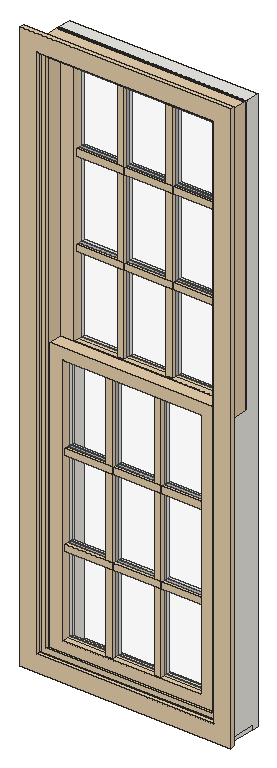
Revit family "Window-Double_Hung-Andersen-400_Series-Tilt_Wash", category Windows, host Wall, Revit 2019 (continued)
Types in the file's own list only (99): name | LWide | . . Lights Wide | . . Top Sash Lights High | . . Bottom Sash Lights High | VGB DLO | V Bars | TS V DLO | TS V Bar Length | TS SH DLO | TS S V | TS S H | TS M V | TS M H | TS HGB DLO | Rough Width | Rough Height | Masonry Width | Masonry Height | Height | H DLO | Designation | Default Sill Height | Width | Check Rail Location | BS V DLO | BS SH DLO | BS S V | BS S H | BS M V | BS M H | BS HGB DLO
  29-5/8" x 52-7/8" | 3 | 3 | 2 | 2 | 0' - 7 3/32" | 2 | 1' - 10 5/16" | 1' - 10 5/16" | 1' - 1 13/32" | No | Yes | Yes | No | 0' - 4" | 2' - 6 1/8" | 4' - 5 3/8" | 2' - 6 1/8" | 4' - 5 3/8" | 4' - 4 7/8" | 1' - 11" | "TW2442" | 2' - 5 1/8" | 2' - 5 5/8" | 1' - 10 5/16" | 1' - 10 5/16" | 1' - 3 21/32" | No | Yes | Yes | No | 0' - 4"
  29-5/8" x 56-7/8" | 3 | 3 | 2 | 2 | 0' - 7 3/32" | 2 | 2' - 0 5/16" | 2' - 0 5/16" | 1' - 2 13/32" | No | Yes | Yes | No | 0' - 4" | 2' - 6 1/8" | 4' - 9 3/8" | 2' - 6 1/8" | 4' - 9 3/8" | 4' - 8 7/8" | 1' - 11" | "TW2446" | 2' - 1 1/8" | 2' - 5 5/8" | 2' - 0 5/16" | 2' - 0 5/16" | 1' - 4 21/32" | No | Yes | Yes | No | 0' - 4"
  29-5/8" x 60-7/8" | 3 | 3 | 2 | 2 | 0' - 7 3/32" | 2 | 2' - 2 5/16" | 2' - 2 5/16" | 1' - 3 13/32" | No | Yes | Yes | No | 0' - 4" | 2' - 6 1/8" | 5' - 1 3/8" | 2' - 6 1/8" | 5' - 1 3/8" | 5' - 0 7/8" | 1' - 11" | "TW24410" | 1' - 9 1/8" | 2' - 5 5/8" | 2' - 2 5/16" | 2' - 2 5/16" | 1' - 5 21/32" | No | Yes | Yes | No | 0' - 4"
  29-5/8" x 64-7/8" | 3 | 3 | 2 | 2 | 0' - 7 3/32" | 2 | 2' - 4 5/16" | 2' - 4 5/16" | 1' - 4 13/32" | No | Yes | Yes | No | 0' - 4" | 2' - 6 1/8" | 5' - 5 3/8" | 2' - 6 1/8" | 5' - 5 3/8" | 5' - 4 7/8" | 1' - 11" | "TW2452" | 1' - 5 1/8" | 2' - 5 5/8" | 2' - 4 5/16" | 2' - 4 5/16" | 1' - 6 21/32" | No | Yes | Yes | No | 0' - 4"
  29-5/8" x 68-7/8" | 3 | 3 | 3 | 3 | 0' - 7 3/32" | 2 | 2' - 6 5/16" | 2' - 6 5/16" | 1' - 5 13/32" | No | No | Yes | Yes | 0' - 9 17/32" | 2' - 6 1/8" | 5' - 9 3/8" | 2' - 6 1/8" | 5' - 9 3/8" | 5' - 8 7/8" | 1' - 11" | "TW2456" | 1' - 1 1/8" | 2' - 5 5/8" | 2' - 6 5/16" | 2' - 6 5/16" | 1' - 7 21/32" | No | No | Yes | Yes | 0' - 9 17/32"
  29-5/8" x 72-7/8" | 3 | 3 | 3 | 3 | 0' - 7 3/32" | 2 | 2' - 8 5/16" | 2' - 8 5/16" | 1' - 6 13/32" | No | No | Yes | Yes | 0' - 10 3/16" | 2' - 6 1/8" | 6' - 1 3/8" | 2' - 6 1/8" | 6' - 1 3/8" | 6' - 0 7/8" | 1' - 11" | "TW24510" | 0' - 9 1/8" | 2' - 5 5/8" | 2' - 8 5/16" | 2' - 8 5/16" | 1' - 8 21/32" | No | No | Yes | Yes | 0' - 10 3/16"
  29-5/8" x 88-7/8" | 3 | 3 | 3 | 3 | 0' - 7 3/32" | 2 | 3' - 4 5/16" | 4' - 5 3/4" | 1' - 10 13/32" | No | No | Yes | Yes | 1' - 5 11/32" | 2' - 6 1/8" | 7' - 5 3/8" | 2' - 6 1/8" | 7' - 5 3/8" | 7' - 4 7/8" | 1' - 11" | "TW2472" | -0' - 6 7/8" | 2' - 5 5/8" | 3' - 4 5/16" | 3' - 4 5/16" | 2' - 0 21/32" | No | No | Yes | Yes | 1' - 0 27/32"
  31-5/8" x 36-7/8" | 3 | 3 | 2 | 2 | 0' - 7 3/4" | 2 | 1' - 2 5/16" | 1' - 2 5/16" | 0' - 9 13/32" | No | Yes | Yes | No | 0' - 4" | 2' - 8 1/8" | 3' - 1 3/8" | 2' - 8 1/8" | 3' - 1 3/8" | 3' - 0 7/8" | 2' - 1" | "TW26210" | 3' - 9 1/8" | 2' - 7 5/8" | 1' - 2 5/16" | 1' - 2 5/16" | 0' - 11 21/32" | No | Yes | Yes | No | 0' - 4"
  31-5/8" x 40-7/8" | 3 | 3 | 2 | 2 | 0' - 7 3/4" | 2 | 1' - 4 5/16" | 1' - 4 5/16" | 0' - 10 13/32" | No | Yes | Yes | No | 0' - 4" | 2' - 8 1/8" | 3' - 5 3/8" | 2' - 8 1/8" | 3' - 5 3/8" | 3' - 4 7/8" | 2' - 1" | "TW2632" | 3' - 5 1/8" | 2' - 7 5/8" | 1' - 4 5/16" | 1' - 4 5/16" | 1' - 0 21/32" | No | Yes | Yes | No | 0' - 4"
  31-5/8" x 44-7/8" | 3 | 3 | 2 | 2 | 0' - 7 3/4" | 2 | 1' - 6 5/16" | 1' - 6 5/16" | 0' - 11 13/32" | No | Yes | Yes | No | 0' - 4" | 2' - 8 1/8" | 3' - 9 3/8" | 2' - 8 1/8" | 3' - 9 3/8" | 3' - 8 7/8" | 2' - 1" | "TW2636" | 3' - 1 1/8" | 2' - 7 5/8" | 1' - 6 5/16" | 1' - 6 5/16" | 1' - 1 21/32" | No | Yes | Yes | No | 0' - 4"
  31-5/8" x 48-7/8" | 3 | 3 | 2 | 2 | 0' - 7 3/4" | 2 | 1' - 8 5/16" | 1' - 8 5/16" | 1' - 0 13/32" | No | Yes | Yes | No | 0' - 4" | 2' - 8 1/8" | 4' - 1 3/8" | 2' - 8 1/8" | 4' - 1 3/8" | 4' - 0 7/8" | 2' - 1" | "TW26310" | 2' - 9 1/8" | 2' - 7 5/8" | 1' - 8 5/16" | 1' - 8 5/16" | 1' - 2 21/32" | No | Yes | Yes | No | 0' - 4"
  31-5/8" x 52-7/8" | 3 | 3 | 2 | 2 | 0' - 7 3/4" | 2 | 1' - 10 5/16" | 1' - 10 5/16" | 1' - 1 13/32" | No | Yes | Yes | No | 0' - 4" | 2' - 8 1/8" | 4' - 5 3/8" | 2' - 8 1/8" | 4' - 5 3/8" | 4' - 4 7/8" | 2' - 1" | "TW2642" | 2' - 5 1/8" | 2' - 7 5/8" | 1' - 10 5/16" | 1' - 10 5/16" | 1' - 3 21/32" | No | Yes | Yes | No | 0' - 4"
  31-5/8" x 56-7/8" | 3 | 3 | 2 | 2 | 0' - 7 3/4" | 2 | 2' - 0 5/16" | 2' - 0 5/16" | 1' - 2 13/32" | No | Yes | Yes | No | 0' - 4" | 2' - 8 1/8" | 4' - 9 3/8" | 2' - 8 1/8" | 4' - 9 3/8" | 4' - 8 7/8" | 2' - 1" | "TW2646" | 2' - 1 1/8" | 2' - 7 5/8" | 2' - 0 5/16" | 2' - 0 5/16" | 1' - 4 21/32" | No | Yes | Yes | No | 0' - 4"
  31-5/8" x 60-7/8" | 3 | 3 | 2 | 2 | 0' - 7 3/4" | 2 | 2' - 2 5/16" | 2' - 2 5/16" | 1' - 3 13/32" | No | Yes | Yes | No | 0' - 4" | 2' - 8 1/8" | 5' - 1 3/8" | 2' - 8 1/8" | 5' - 1 3/8" | 5' - 0 7/8" | 2' - 1" | "TW26410" | 1' - 9 1/8" | 2' - 7 5/8" | 2' - 2 5/16" | 2' - 2 5/16" | 1' - 5 21/32" | No | Yes | Yes | No | 0' - 4"
  31-5/8" x 64-7/8" | 3 | 3 | 2 | 2 | 0' - 7 3/4" | 2 | 2' - 4 5/16" | 2' - 4 5/16" | 1' - 4 13/32" | No | Yes | Yes | No | 0' - 4" | 2' - 8 1/8" | 5' - 5 3/8" | 2' - 8 1/8" | 5' - 5 3/8" | 5' - 4 7/8" | 2' - 1" | "TW2652" | 1' - 5 1/8" | 2' - 7 5/8" | 2' - 4 5/16" | 2' - 4 5/16" | 1' - 6 21/32" | No | Yes | Yes | No | 0' - 4"
  31-5/8" x 68-7/8" | 3 | 3 | 3 | 3 | 0' - 7 3/4" | 2 | 2' - 6 5/16" | 2' - 6 5/16" | 1' - 5 13/32" | No | No | Yes | Yes | 0' - 9 17/32" | 2' - 8 1/8" | 5' - 9 3/8" | 2' - 8 1/8" | 5' - 9 3/8" | 5' - 8 7/8" | 2' - 1" | "TW2656" | 1' - 1 1/8" | 2' - 7 5/8" | 2' - 6 5/16" | 2' - 6 5/16" | 1' - 7 21/32" | No | No | Yes | Yes | 0' - 9 17/32"
  31-5/8" x 72-7/8" | 3 | 3 | 3 | 3 | 0' - 7 3/4" | 2 | 2' - 8 5/16" | 2' - 8 5/16" | 1' - 6 13/32" | No | No | Yes | Yes | 0' - 10 3/16" | 2' - 8 1/8" | 6' - 1 3/8" | 2' - 8 1/8" | 6' - 1 3/8" | 6' - 0 7/8" | 2' - 1" | "TW26510" | 0' - 9 1/8" | 2' - 7 5/8" | 2' - 8 5/16" | 2' - 8 5/16" | 1' - 8 21/32" | No | No | Yes | Yes | 0' - 10 3/16"
  31-5/8" x 88-7/8" | 3 | 3 | 3 | 3 | 0' - 7 3/4" | 2 | 3' - 4 5/16" | 4' - 5 3/4" | 1' - 10 13/32" | No | No | Yes | Yes | 1' - 5 11/32" | 2' - 8 1/8" | 7' - 5 3/8" | 2' - 8 1/8" | 7' - 5 3/8" | 7' - 4 7/8" | 2' - 1" | "TW2672" | -0' - 6 7/8" | 2' - 7 5/8" | 3' - 4 5/16" | 3' - 4 5/16" | 2' - 0 21/32" | No | No | Yes | Yes | 1' - 0 27/32"
  33-5/8" x 36-7/8" | 3 | 3 | 2 | 2 | 0' - 8 13/32" | 2 | 1' - 2 5/16" | 1' - 2 5/16" | 0' - 9 13/32" | No | Yes | Yes | No | 0' - 4" | 2' - 10 1/8" | 3' - 1 3/8" | 2' - 10 1/8" | 3' - 1 3/8" | 3' - 0 7/8" | 2' - 3" | "TW28210" | 3' - 9 1/8" | 2' - 9 5/8" | 1' - 2 5/16" | 1' - 2 5/16" | 0' - 11 21/32" | No | Yes | Yes | No | 0' - 4"
  33-5/8" x 40-7/8" | 3 | 3 | 2 | 2 | 0' - 8 13/32" | 2 | 1' - 4 5/16" | 1' - 4 5/16" | 0' - 10 13/32" | No | Yes | Yes | No | 0' - 4" | 2' - 10 1/8" | 3' - 5 3/8" | 2' - 10 1/8" | 3' - 5 3/8" | 3' - 4 7/8" | 2' - 3" | "TW2832" | 3' - 5 1/8" | 2' - 9 5/8" | 1' - 4 5/16" | 1' - 4 5/16" | 1' - 0 21/32" | No | Yes | Yes | No | 0' - 4"
  33-5/8" x 44-7/8" | 3 | 3 | 2 | 2 | 0' - 8 13/32" | 2 | 1' - 6 5/16" | 1' - 6 5/16" | 0' - 11 13/32" | No | Yes | Yes | No | 0' - 4" | 2' - 10 1/8" | 3' - 9 3/8" | 2' - 10 1/8" | 3' - 9 3/8" | 3' - 8 7/8" | 2' - 3" | "TW2836" | 3' - 1 1/8" | 2' - 9 5/8" | 1' - 6 5/16" | 1' - 6 5/16" | 1' - 1 21/32" | No | Yes | Yes | No | 0' - 4"
  33-5/8" x 48-7/8" | 3 | 3 | 2 | 2 | 0' - 8 13/32" | 2 | 1' - 8 5/16" | 1' - 8 5/16" | 1' - 0 13/32" | No | Yes | Yes | No | 0' - 4" | 2' - 10 1/8" | 4' - 1 3/8" | 2' - 10 1/8" | 4' - 1 3/8" | 4' - 0 7/8" | 2' - 3" | "TW28310" | 2' - 9 1/8" | 2' - 9 5/8" | 1' - 8 5/16" | 1' - 8 5/16" | 1' - 2 21/32" | No | Yes | Yes | No | 0' - 4"
  33-5/8" x 52-7/8" | 3 | 3 | 2 | 2 | 0' - 8 13/32" | 2 | 1' - 10 5/16" | 1' - 10 5/16" | 1' - 1 13/32" | No | Yes | Yes | No | 0' - 4" | 2' - 10 1/8" | 4' - 5 3/8" | 2' - 10 1/8" | 4' - 5 3/8" | 4' - 4 7/8" | 2' - 3" | "TW2842" | 2' - 5 1/8" | 2' - 9 5/8" | 1' - 10 5/16" | 1' - 10 5/16" | 1' - 3 21/32" | No | Yes | Yes | No | 0' - 4"
  33-5/8" x 56-7/8" | 3 | 3 | 2 | 2 | 0' - 8 13/32" | 2 | 2' - 0 5/16" | 2' - 0 5/16" | 1' - 2 13/32" | No | Yes | Yes | No | 0' - 4" | 2' - 10 1/8" | 4' - 9 3/8" | 2' - 10 1/8" | 4' - 9 3/8" | 4' - 8 7/8" | 2' - 3" | "TW2846" | 2' - 1 1/8" | 2' - 9 5/8" | 2' - 0 5/16" | 2' - 0 5/16" | 1' - 4 21/32" | No | Yes | Yes | No | 0' - 4"
  33-5/8" x 60-7/8" | 3 | 3 | 2 | 2 | 0' - 8 13/32" | 2 | 2' - 2 5/16" | 2' - 2 5/16" | 1' - 3 13/32" | No | Yes | Yes | No | 0' - 4" | 2' - 10 1/8" | 5' - 1 3/8" | 2' - 10 1/8" | 5' - 1 3/8" | 5' - 0 7/8" | 2' - 3" | "TW28410" | 1' - 9 1/8" | 2' - 9 5/8" | 2' - 2 5/16" | 2' - 2 5/16" | 1' - 5 21/32" | No | Yes | Yes | No | 0' - 4"
  33-5/8" x 64-7/8" | 3 | 3 | 2 | 2 | 0' - 8 13/32" | 2 | 2' - 4 5/16" | 2' - 4 5/16" | 1' - 4 13/32" | No | Yes | Yes | No | 0' - 4" | 2' - 10 1/8" | 5' - 5 3/8" | 2' - 10 1/8" | 5' - 5 3/8" | 5' - 4 7/8" | 2' - 3" | "TW2852" | 1' - 5 1/8" | 2' - 9 5/8" | 2' - 4 5/16" | 2' - 4 5/16" | 1' - 6 21/32" | No | Yes | Yes | No | 0' - 4"
  33-5/8" x 68-7/8" | 3 | 3 | 3 | 3 | 0' - 8 13/32" | 2 | 2' - 6 5/16" | 2' - 6 5/16" | 1' - 5 13/32" | No | No | Yes | Yes | 0' - 9 17/32" | 2' - 10 1/8" | 5' - 9 3/8" | 2' - 10 1/8" | 5' - 9 3/8" | 5' - 8 7/8" | 2' - 3" | "TW2856" | 1' - 1 1/8" | 2' - 9 5/8" | 2' - 6 5/16" | 2' - 6 5/16" | 1' - 7 21/32" | No | No | Yes | Yes | 0' - 9 17/32"
  33-5/8" x 72-7/8" | 3 | 3 | 3 | 3 | 0' - 8 13/32" | 2 | 2' - 8 5/16" | 2' - 8 5/16" | 1' - 6 13/32" | No | No | Yes | Yes | 0' - 10 3/16" | 2' - 10 1/8" | 6' - 1 3/8" | 2' - 10 1/8" | 6' - 1 3/8" | 6' - 0 7/8" | 2' - 3" | "TW28510" | 0' - 9 1/8" | 2' - 9 5/8" | 2' - 8 5/16" | 2' - 8 5/16" | 1' - 8 21/32" | No | No | Yes | Yes | 0' - 10 3/16"
  33-5/8" x 88-7/8" | 3 | 3 | 3 | 3 | 0' - 8 13/32" | 2 | 3' - 4 5/16" | 4' - 5 3/4" | 1' - 10 13/32" | No | No | Yes | Yes | 1' - 5 11/32" | 2' - 10 1/8" | 7' - 5 3/8" | 2' - 10 1/8" | 7' - 5 3/8" | 7' - 4 7/8" | 2' - 3" | "TW2872" | -0' - 6 7/8" | 2' - 9 5/8" | 3' - 4 5/16" | 3' - 4 5/16" | 2' - 0 21/32" | No | No | Yes | Yes | 1' - 0 27/32"
  35-5/8" x 36-7/8" | 3 | 3 | 2 | 2 | 0' - 9 3/32" | 2 | 1' - 2 5/16" | 1' - 2 5/16" | 0' - 9 13/32" | No | Yes | Yes | No | 0' - 4" | 3' - 0 1/8" | 3' - 1 3/8" | 3' - 0 1/8" | 3' - 1 3/8" | 3' - 0 7/8" | 2' - 5" | "TW210210" | 3' - 9 1/8" | 2' - 11 5/8" | 1' - 2 5/16" | 1' - 2 5/16" | 0' - 11 21/32" | No | Yes | Yes | No | 0' - 4"
  35-5/8" x 40-7/8" | 3 | 3 | 2 | 2 | 0' - 9 3/32" | 2 | 1' - 4 5/16" | 1' - 4 5/16" | 0' - 10 13/32" | No | Yes | Yes | No | 0' - 4" | 3' - 0 1/8" | 3' - 5 3/8" | 3' - 0 1/8" | 3' - 5 3/8" | 3' - 4 7/8" | 2' - 5" | "TW21032" | 3' - 5 1/8" | 2' - 11 5/8" | 1' - 4 5/16" | 1' - 4 5/16" | 1' - 0 21/32" | No | Yes | Yes | No | 0' - 4"
  35-5/8" x 44-7/8" | 3 | 3 | 2 | 2 | 0' - 9 3/32" | 2 | 1' - 6 5/16" | 1' - 6 5/16" | 0' - 11 13/32" | No | Yes | Yes | No | 0' - 4" | 3' - 0 1/8" | 3' - 9 3/8" | 3' - 0 1/8" | 3' - 9 3/8" | 3' - 8 7/8" | 2' - 5" | "TW21036" | 3' - 1 1/8" | 2' - 11 5/8" | 1' - 6 5/16" | 1' - 6 5/16" | 1' - 1 21/32" | No | Yes | Yes | No | 0' - 4"
  35-5/8" x 48-7/8" | 3 | 3 | 2 | 2 | 0' - 9 3/32" | 2 | 1' - 8 5/16" | 1' - 8 5/16" | 1' - 0 13/32" | No | Yes | Yes | No | 0' - 4" | 3' - 0 1/8" | 4' - 1 3/8" | 3' - 0 1/8" | 4' - 1 3/8" | 4' - 0 7/8" | 2' - 5" | "TW210310" | 2' - 9 1/8" | 2' - 11 5/8" | 1' - 8 5/16" | 1' - 8 5/16" | 1' - 2 21/32" | No | Yes | Yes | No | 0' - 4"
  35-5/8" x 52-7/8" | 3 | 3 | 2 | 2 | 0' - 9 3/32" | 2 | 1' - 10 5/16" | 1' - 10 5/16" | 1' - 1 13/32" | No | Yes | Yes | No | 0' - 4" | 3' - 0 1/8" | 4' - 5 3/8" | 3' - 0 1/8" | 4' - 5 3/8" | 4' - 4 7/8" | 2' - 5" | "TW21042" | 2' - 5 1/8" | 2' - 11 5/8" | 1' - 10 5/16" | 1' - 10 5/16" | 1' - 3 21/32" | No | Yes | Yes | No | 0' - 4"
  35-5/8" x 56-7/8" | 3 | 3 | 2 | 2 | 0' - 9 3/32" | 2 | 2' - 0 5/16" | 2' - 0 5/16" | 1' - 2 13/32" | No | Yes | Yes | No | 0' - 4" | 3' - 0 1/8" | 4' - 9 3/8" | 3' - 0 1/8" | 4' - 9 3/8" | 4' - 8 7/8" | 2' - 5" | "TW21046" | 2' - 1 1/8" | 2' - 11 5/8" | 2' - 0 5/16" | 2' - 0 5/16" | 1' - 4 21/32" | No | Yes | Yes | No | 0' - 4"
  35-5/8" x 60-7/8" | 3 | 3 | 2 | 2 | 0' - 9 3/32" | 2 | 2' - 2 5/16" | 2' - 2 5/16" | 1' - 3 13/32" | No | Yes | Yes | No | 0' - 4" | 3' - 0 1/8" | 5' - 1 3/8" | 3' - 0 1/8" | 5' - 1 3/8" | 5' - 0 7/8" | 2' - 5" | "TW210410" | 1' - 9 1/8" | 2' - 11 5/8" | 2' - 2 5/16" | 2' - 2 5/16" | 1' - 5 21/32" | No | Yes | Yes | No | 0' - 4"
  35-5/8" x 64-7/8" | 3 | 3 | 2 | 2 | 0' - 9 3/32" | 2 | 2' - 4 5/16" | 2' - 4 5/16" | 1' - 4 13/32" | No | Yes | Yes | No | 0' - 4" | 3' - 0 1/8" | 5' - 5 3/8" | 3' - 0 1/8" | 5' - 5 3/8" | 5' - 4 7/8" | 2' - 5" | "TW21052" | 1' - 5 1/8" | 2' - 11 5/8" | 2' - 4 5/16" | 2' - 4 5/16" | 1' - 6 21/32" | No | Yes | Yes | No | 0' - 4"
  35-5/8" x 68-7/8" | 3 | 3 | 3 | 3 | 0' - 9 3/32" | 2 | 2' - 6 5/16" | 2' - 6 5/16" | 1' - 5 13/32" | No | No | Yes | Yes | 0' - 9 17/32" | 3' - 0 1/8" | 5' - 9 3/8" | 3' - 0 1/8" | 5' - 9 3/8" | 5' - 8 7/8" | 2' - 5" | "TW21056" | 1' - 1 1/8" | 2' - 11 5/8" | 2' - 6 5/16" | 2' - 6 5/16" | 1' - 7 21/32" | No | No | Yes | Yes | 0' - 9 17/32"
  35-5/8" x 72-7/8" | 3 | 3 | 3 | 3 | 0' - 9 3/32" | 2 | 2' - 8 5/16" | 2' - 8 5/16" | 1' - 6 13/32" | No | No | Yes | Yes | 0' - 10 3/16" | 3' - 0 1/8" | 6' - 1 3/8" | 3' - 0 1/8" | 6' - 1 3/8" | 6' - 0 7/8" | 2' - 5" | "TW210510" | 0' - 9 1/8" | 2' - 11 5/8" | 2' - 8 5/16" | 2' - 8 5/16" | 1' - 8 21/32" | No | No | Yes | Yes | 0' - 10 3/16"
  35-5/8" x 88-7/8" | 3 | 3 | 3 | 3 | 0' - 9 3/32" | 2 | 3' - 4 5/16" | 4' - 5 3/4" | 1' - 10 13/32" | No | No | Yes | Yes | 1' - 5 11/32" | 3' - 0 1/8" | 7' - 5 3/8" | 3' - 0 1/8" | 7' - 5 3/8" | 7' - 4 7/8" | 2' - 5" | "TW21072" | -0' - 6 7/8" | 2' - 11 5/8" | 3' - 4 5/16" | 3' - 4 5/16" | 2' - 0 21/32" | No | No | Yes | Yes | 1' - 0 27/32"
  37-5/8" x 36-7/8" | 4 | 4 | 2 | 2 | 0' - 7 3/32" | 3 | 1' - 2 5/16" | 1' - 2 5/16" | 0' - 9 13/32" | No | Yes | Yes | No | 0' - 4" | 3' - 2 1/8" | 3' - 1 3/8" | 3' - 2 1/8" | 3' - 1 3/8" | 3' - 0 7/8" | 2' - 7" | "TW30210" | 3' - 9 1/8" | 3' - 1 5/8" | 1' - 2 5/16" | 1' - 2 5/16" | 0' - 11 21/32" | No | Yes | Yes | No | 0' - 4"
  37-5/8" x 40-7/8" | 4 | 4 | 2 | 2 | 0' - 7 3/32" | 3 | 1' - 4 5/16" | 1' - 4 5/16" | 0' - 10 13/32" | No | Yes | Yes | No | 0' - 4" | 3' - 2 1/8" | 3' - 5 3/8" | 3' - 2 1/8" | 3' - 5 3/8" | 3' - 4 7/8" | 2' - 7" | "TW3032" | 3' - 5 1/8" | 3' - 1 5/8" | 1' - 4 5/16" | 1' - 4 5/16" | 1' - 0 21/32" | No | Yes | Yes | No | 0' - 4"
  37-5/8" x 44-7/8" | 4 | 4 | 2 | 2 | 0' - 7 3/32" | 3 | 1' - 6 5/16" | 1' - 6 5/16" | 0' - 11 13/32" | No | Yes | Yes | No | 0' - 4" | 3' - 2 1/8" | 3' - 9 3/8" | 3' - 2 1/8" | 3' - 9 3/8" | 3' - 8 7/8" | 2' - 7" | "TW3036" | 3' - 1 1/8" | 3' - 1 5/8" | 1' - 6 5/16" | 1' - 6 5/16" | 1' - 1 21/32" | No | Yes | Yes | No | 0' - 4"
  37-5/8" x 48-7/8" | 4 | 4 | 2 | 2 | 0' - 7 3/32" | 3 | 1' - 8 5/16" | 1' - 8 5/16" | 1' - 0 13/32" | No | Yes | Yes | No | 0' - 4" | 3' - 2 1/8" | 4' - 1 3/8" | 3' - 2 1/8" | 4' - 1 3/8" | 4' - 0 7/8" | 2' - 7" | "TW30310" | 2' - 9 1/8" | 3' - 1 5/8" | 1' - 8 5/16" | 1' - 8 5/16" | 1' - 2 21/32" | No | Yes | Yes | No | 0' - 4"
  37-5/8" x 52-7/8" | 4 | 4 | 2 | 2 | 0' - 7 3/32" | 3 | 1' - 10 5/16" | 1' - 10 5/16" | 1' - 1 13/32" | No | Yes | Yes | No | 0' - 4" | 3' - 2 1/8" | 4' - 5 3/8" | 3' - 2 1/8" | 4' - 5 3/8" | 4' - 4 7/8" | 2' - 7" | "TW3042" | 2' - 5 1/8" | 3' - 1 5/8" | 1' - 10 5/16" | 1' - 10 5/16" | 1' - 3 21/32" | No | Yes | Yes | No | 0' - 4"
  37-5/8" x 56-7/8" | 4 | 4 | 2 | 2 | 0' - 7 3/32" | 3 | 2' - 0 5/16" | 2' - 0 5/16" | 1' - 2 13/32" | No | Yes | Yes | No | 0' - 4" | 3' - 2 1/8" | 4' - 9 3/8" | 3' - 2 1/8" | 4' - 9 3/8" | 4' - 8 7/8" | 2' - 7" | "TW3046" | 2' - 1 1/8" | 3' - 1 5/8" | 2' - 0 5/16" | 2' - 0 5/16" | 1' - 4 21/32" | No | Yes | Yes | No | 0' - 4"
  37-5/8" x 60-7/8" | 4 | 4 | 2 | 2 | 0' - 7 3/32" | 3 | 2' - 2 5/16" | 2' - 2 5/16" | 1' - 3 13/32" | No | Yes | Yes | No | 0' - 4" | 3' - 2 1/8" | 5' - 1 3/8" | 3' - 2 1/8" | 5' - 1 3/8" | 5' - 0 7/8" | 2' - 7" | "TW30410" | 1' - 9 1/8" | 3' - 1 5/8" | 2' - 2 5/16" | 2' - 2 5/16" | 1' - 5 21/32" | No | Yes | Yes | No | 0' - 4"
  37-5/8" x 64-7/8" | 4 | 4 | 2 | 2 | 0' - 7 3/32" | 3 | 2' - 4 5/16" | 2' - 4 5/16" | 1' - 4 13/32" | No | Yes | Yes | No | 0' - 4" | 3' - 2 1/8" | 5' - 5 3/8" | 3' - 2 1/8" | 5' - 5 3/8" | 5' - 4 7/8" | 2' - 7" | "TW3052" | 1' - 5 1/8" | 3' - 1 5/8" | 2' - 4 5/16" | 2' - 4 5/16" | 1' - 6 21/32" | No | Yes | Yes | No | 0' - 4"
  37-5/8" x 68-7/8" | 4 | 4 | 3 | 3 | 0' - 7 3/32" | 3 | 2' - 6 5/16" | 2' - 6 5/16" | 1' - 5 13/32" | No | No | Yes | Yes | 0' - 9 17/32" | 3' - 2 1/8" | 5' - 9 3/8" | 3' - 2 1/8" | 5' - 9 3/8" | 5' - 8 7/8" | 2' - 7" | "TW3056" | 1' - 1 1/8" | 3' - 1 5/8" | 2' - 6 5/16" | 2' - 6 5/16" | 1' - 7 21/32" | No | No | Yes | Yes | 0' - 9 17/32"
  37-5/8" x 72-7/8" | 4 | 4 | 3 | 3 | 0' - 7 3/32" | 3 | 2' - 8 5/16" | 2' - 8 5/16" | 1' - 6 13/32" | No | No | Yes | Yes | 0' - 10 3/16" | 3' - 2 1/8" | 6' - 1 3/8" | 3' - 2 1/8" | 6' - 1 3/8" | 6' - 0 7/8" | 2' - 7" | "TW30510" | 0' - 9 1/8" | 3' - 1 5/8" | 2' - 8 5/16" | 2' - 8 5/16" | 1' - 8 21/32" | No | No | Yes | Yes | 0' - 10 3/16"
  37-5/8" x 88-7/8" | 4 | 4 | 3 | 3 | 0' - 7 3/32" | 3 | 3' - 4 5/16" | 4' - 5 3/4" | 1' - 10 13/32" | No | No | Yes | Yes | 1' - 5 11/32" | 3' - 2 1/8" | 7' - 5 3/8" | 3' - 2 1/8" | 7' - 5 3/8" | 7' - 4 7/8" | 2' - 7" | "TW3072" | -0' - 6 7/8" | 3' - 1 5/8" | 3' - 4 5/16" | 3' - 4 5/16" | 2' - 0 21/32" | No | No | Yes | Yes | 1' - 0 27/32"
  41-5/8" x 36-7/8" | 4 | 4 | 2 | 2 | 0' - 8 3/32" | 3 | 1' - 2 5/16" | 1' - 2 5/16" | 0' - 9 13/32" | No | Yes | Yes | No | 0' - 4" | 3' - 6 1/8" | 3' - 1 3/8" | 3' - 6 1/8" | 3' - 1 3/8" | 3' - 0 7/8" | 2' - 11" | "TW34210" | 3' - 9 1/8" | 3' - 5 5/8" | 1' - 2 5/16" | 1' - 2 5/16" | 0' - 11 21/32" | No | Yes | Yes | No | 0' - 4"
  41-5/8" x 40-7/8" | 4 | 4 | 2 | 2 | 0' - 8 3/32" | 3 | 1' - 4 5/16" | 1' - 4 5/16" | 0' - 10 13/32" | No | Yes | Yes | No | 0' - 4" | 3' - 6 1/8" | 3' - 5 3/8" | 3' - 6 1/8" | 3' - 5 3/8" | 3' - 4 7/8" | 2' - 11" | "TW3432" | 3' - 5 1/8" | 3' - 5 5/8" | 1' - 4 5/16" | 1' - 4 5/16" | 1' - 0 21/32" | No | Yes | Yes | No | 0' - 4"
  41-5/8" x 44-7/8" | 4 | 4 | 2 | 2 | 0' - 8 3/32" | 3 | 1' - 6 5/16" | 1' - 6 5/16" | 0' - 11 13/32" | No | Yes | Yes | No | 0' - 4" | 3' - 6 1/8" | 3' - 9 3/8" | 3' - 6 1/8" | 3' - 9 3/8" | 3' - 8 7/8" | 2' - 11" | "TW3436" | 3' - 1 1/8" | 3' - 5 5/8" | 1' - 6 5/16" | 1' - 6 5/16" | 1' - 1 21/32" | No | Yes | Yes | No | 0' - 4"
  41-5/8" x 48-7/8" | 4 | 4 | 2 | 2 | 0' - 8 3/32" | 3 | 1' - 8 5/16" | 1' - 8 5/16" | 1' - 0 13/32" | No | Yes | Yes | No | 0' - 4" | 3' - 6 1/8" | 4' - 1 3/8" | 3' - 6 1/8" | 4' - 1 3/8" | 4' - 0 7/8" | 2' - 11" | "TW34310" | 2' - 9 1/8" | 3' - 5 5/8" | 1' - 8 5/16" | 1' - 8 5/16" | 1' - 2 21/32" | No | Yes | Yes | No | 0' - 4"
  41-5/8" x 52-7/8" | 4 | 4 | 2 | 2 | 0' - 8 3/32" | 3 | 1' - 10 5/16" | 1' - 10 5/16" | 1' - 1 13/32" | No | Yes | Yes | No | 0' - 4" | 3' - 6 1/8" | 4' - 5 3/8" | 3' - 6 1/8" | 4' - 5 3/8" | 4' - 4 7/8" | 2' - 11" | "TW3442" | 2' - 5 1/8" | 3' - 5 5/8" | 1' - 10 5/16" | 1' - 10 5/16" | 1' - 3 21/32" | No | Yes | Yes | No | 0' - 4"
  41-5/8" x 56-7/8" | 4 | 4 | 2 | 2 | 0' - 8 3/32" | 3 | 2' - 0 5/16" | 2' - 0 5/16" | 1' - 2 13/32" | No | Yes | Yes | No | 0' - 4" | 3' - 6 1/8" | 4' - 9 3/8" | 3' - 6 1/8" | 4' - 9 3/8" | 4' - 8 7/8" | 2' - 11" | "TW3446" | 2' - 1 1/8" | 3' - 5 5/8" | 2' - 0 5/16" | 2' - 0 5/16" | 1' - 4 21/32" | No | Yes | Yes | No | 0' - 4"
  41-5/8" x 60-7/8" | 4 | 4 | 2 | 2 | 0' - 8 3/32" | 3 | 2' - 2 5/16" | 2' - 2 5/16" | 1' - 3 13/32" | No | Yes | Yes | No | 0' - 4" | 3' - 6 1/8" | 5' - 1 3/8" | 3' - 6 1/8" | 5' - 1 3/8" | 5' - 0 7/8" | 2' - 11" | "TW34410" | 1' - 9 1/8" | 3' - 5 5/8" | 2' - 2 5/16" | 2' - 2 5/16" | 1' - 5 21/32" | No | Yes | Yes | No | 0' - 4"
  41-5/8" x 64-7/8" | 4 | 4 | 2 | 2 | 0' - 8 3/32" | 3 | 2' - 4 5/16" | 2' - 4 5/16" | 1' - 4 13/32" | No | Yes | Yes | No | 0' - 4" | 3' - 6 1/8" | 5' - 5 3/8" | 3' - 6 1/8" | 5' - 5 3/8" | 5' - 4 7/8" | 2' - 11" | "TW3452" | 1' - 5 1/8" | 3' - 5 5/8" | 2' - 4 5/16" | 2' - 4 5/16" | 1' - 6 21/32" | No | Yes | Yes | No | 0' - 4"
  41-5/8" x 68-7/8" | 4 | 4 | 3 | 3 | 0' - 8 3/32" | 3 | 2' - 6 5/16" | 2' - 6 5/16" | 1' - 5 13/32" | No | No | Yes | Yes | 0' - 9 17/32" | 3' - 6 1/8" | 5' - 9 3/8" | 3' - 6 1/8" | 5' - 9 3/8" | 5' - 8 7/8" | 2' - 11" | "TW3456" | 1' - 1 1/8" | 3' - 5 5/8" | 2' - 6 5/16" | 2' - 6 5/16" | 1' - 7 21/32" | No | No | Yes | Yes | 0' - 9 17/32"
  41-5/8" x 72-7/8" | 4 | 4 | 3 | 3 | 0' - 8 3/32" | 3 | 2' - 8 5/16" | 2' - 8 5/16" | 1' - 6 13/32" | No | No | Yes | Yes | 0' - 10 3/16" | 3' - 6 1/8" | 6' - 1 3/8" | 3' - 6 1/8" | 6' - 1 3/8" | 6' - 0 7/8" | 2' - 11" | "TW34510" | 0' - 9 1/8" | 3' - 5 5/8" | 2' - 8 5/16" | 2' - 8 5/16" | 1' - 8 21/32" | No | No | Yes | Yes | 0' - 10 3/16"
  41-5/8" x 88-7/8" | 4 | 4 | 3 | 3 | 0' - 8 3/32" | 3 | 3' - 4 5/16" | 4' - 5 3/4" | 1' - 10 13/32" | No | No | Yes | Yes | 1' - 5 11/32" | 3' - 6 1/8" | 7' - 5 3/8" | 3' - 6 1/8" | 7' - 5 3/8" | 7' - 4 7/8" | 2' - 11" | "TW3472" | -0' - 6 7/8" | 3' - 5 5/8" | 3' - 4 5/16" | 3' - 4 5/16" | 2' - 0 21/32" | No | No | Yes | Yes | 1' - 0 27/32"
  45-5/8" x 36-7/8" | 4 | 4 | 2 | 2 | 0' - 9 3/32" | 3 | 1' - 2 5/16" | 1' - 2 5/16" | 0' - 9 13/32" | No | Yes | Yes | No | 0' - 4" | 3' - 10 1/8" | 3' - 1 3/8" | 3' - 10 1/8" | 3' - 1 3/8" | 3' - 0 7/8" | 3' - 3" | "TW38210" | 3' - 9 1/8" | 3' - 9 5/8" | 1' - 2 5/16" | 1' - 2 5/16" | 0' - 11 21/32" | No | Yes | Yes | No | 0' - 4"
  45-5/8" x 40-7/8" | 4 | 4 | 2 | 2 | 0' - 9 3/32" | 3 | 1' - 4 5/16" | 1' - 4 5/16" | 0' - 10 13/32" | No | Yes | Yes | No | 0' - 4" | 3' - 10 1/8" | 3' - 5 3/8" | 3' - 10 1/8" | 3' - 5 3/8" | 3' - 4 7/8" | 3' - 3" | "TW3832" | 3' - 5 1/8" | 3' - 9 5/8" | 1' - 4 5/16" | 1' - 4 5/16" | 1' - 0 21/32" | No | Yes | Yes | No | 0' - 4"
  45-5/8" x 44-7/8" | 4 | 4 | 2 | 2 | 0' - 9 3/32" | 3 | 1' - 6 5/16" | 1' - 6 5/16" | 0' - 11 13/32" | No | Yes | Yes | No | 0' - 4" | 3' - 10 1/8" | 3' - 9 3/8" | 3' - 10 1/8" | 3' - 9 3/8" | 3' - 8 7/8" | 3' - 3" | "TW3836" | 3' - 1 1/8" | 3' - 9 5/8" | 1' - 6 5/16" | 1' - 6 5/16" | 1' - 1 21/32" | No | Yes | Yes | No | 0' - 4"
  45-5/8" x 48-7/8" | 4 | 4 | 2 | 2 | 0' - 9 3/32" | 3 | 1' - 8 5/16" | 1' - 8 5/16" | 1' - 0 13/32" | No | Yes | Yes | No | 0' - 4" | 3' - 10 1/8" | 4' - 1 3/8" | 3' - 10 1/8" | 4' - 1 3/8" | 4' - 0 7/8" | 3' - 3" | "TW38310" | 2' - 9 1/8" | 3' - 9 5/8" | 1' - 8 5/16" | 1' - 8 5/16" | 1' - 2 21/32" | No | Yes | Yes | No | 0' - 4"
  45-5/8" x 52-7/8" | 4 | 4 | 2 | 2 | 0' - 9 3/32" | 3 | 1' - 10 5/16" | 1' - 10 5/16" | 1' - 1 13/32" | No | Yes | Yes | No | 0' - 4" | 3' - 10 1/8" | 4' - 5 3/8" | 3' - 10 1/8" | 4' - 5 3/8" | 4' - 4 7/8" | 3' - 3" | "TW3842" | 2' - 5 1/8" | 3' - 9 5/8" | 1' - 10 5/16" | 1' - 10 5/16" | 1' - 3 21/32" | No | Yes | Yes | No | 0' - 4"
  45-5/8" x 56-7/8" | 4 | 4 | 2 | 2 | 0' - 9 3/32" | 3 | 2' - 0 5/16" | 2' - 0 5/16" | 1' - 2 13/32" | No | Yes | Yes | No | 0' - 4" | 3' - 10 1/8" | 4' - 9 3/8" | 3' - 10 1/8" | 4' - 9 3/8" | 4' - 8 7/8" | 3' - 3" | "TW3846" | 2' - 1 1/8" | 3' - 9 5/8" | 2' - 0 5/16" | 2' - 0 5/16" | 1' - 4 21/32" | No | Yes | Yes | No | 0' - 4"
  45-5/8" x 60-7/8" | 4 | 4 | 2 | 2 | 0' - 9 3/32" | 3 | 2' - 2 5/16" | 2' - 2 5/16" | 1' - 3 13/32" | No | Yes | Yes | No | 0' - 4" | 3' - 10 1/8" | 5' - 1 3/8" | 3' - 10 1/8" | 5' - 1 3/8" | 5' - 0 7/8" | 3' - 3" | "TW38410" | 1' - 9 1/8" | 3' - 9 5/8" | 2' - 2 5/16" | 2' - 2 5/16" | 1' - 5 21/32" | No | Yes | Yes | No | 0' - 4"
  45-5/8" x 64-7/8" | 4 | 4 | 2 | 2 | 0' - 9 3/32" | 3 | 2' - 4 5/16" | 2' - 4 5/16" | 1' - 4 13/32" | No | Yes | Yes | No | 0' - 4" | 3' - 10 1/8" | 5' - 5 3/8" | 3' - 10 1/8" | 5' - 5 3/8" | 5' - 4 7/8" | 3' - 3" | "TW3852" | 1' - 5 1/8" | 3' - 9 5/8" | 2' - 4 5/16" | 2' - 4 5/16" | 1' - 6 21/32" | No | Yes | Yes | No | 0' - 4"
  45-5/8" x 68-7/8" | 4 | 4 | 3 | 3 | 0' - 9 3/32" | 3 | 2' - 6 5/16" | 2' - 6 5/16" | 1' - 5 13/32" | No | No | Yes | Yes | 0' - 9 17/32" | 3' - 10 1/8" | 5' - 9 3/8" | 3' - 10 1/8" | 5' - 9 3/8" | 5' - 8 7/8" | 3' - 3" | "TW3856" | 1' - 1 1/8" | 3' - 9 5/8" | 2' - 6 5/16" | 2' - 6 5/16" | 1' - 7 21/32" | No | No | Yes | Yes | 0' - 9 17/32"
  45-5/8" x 72-7/8" | 4 | 4 | 3 | 3 | 0' - 9 3/32" | 3 | 2' - 8 5/16" | 2' - 8 5/16" | 1' - 6 13/32" | No | No | Yes | Yes | 0' - 10 3/16" | 3' - 10 1/8" | 6' - 1 3/8" | 3' - 10 1/8" | 6' - 1 3/8" | 6' - 0 7/8" | 3' - 3" | "TW38510" | 0' - 9 1/8" | 3' - 9 5/8" | 2' - 8 5/16" | 2' - 8 5/16" | 1' - 8 21/32" | No | No | Yes | Yes | 0' - 10 3/16"
  45-5/8" x 88-7/8" | 4 | 4 | 3 | 3 | 0' - 9 3/32" | 3 | 3' - 4 5/16" | 4' - 5 3/4" | 1' - 10 13/32" | No | No | Yes | Yes | 1' - 5 11/32" | 3' - 10 1/8" | 7' - 5 3/8" | 3' - 10 1/8" | 7' - 5 3/8" | 7' - 4 7/8" | 3' - 3" | "TW3872" | -0' - 6 7/8" | 3' - 9 5/8" | 3' - 4 5/16" | 3' - 4 5/16" | 2' - 0 21/32" | No | No | Yes | Yes | 1' - 0 27/32"
